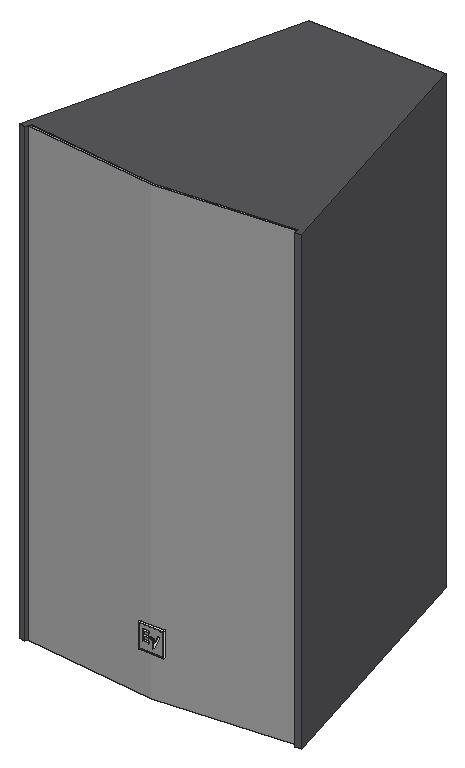
Revit family "EVF-1152D", category Communication Devices, Revit 2017
Family settings
  Maintain Annotation Orientation = Yes
  Round Connector Dimension = Use Diameter
  Part Type = Normal
  OmniClass Number = 23.85.10.11.11.21
  OmniClass Title = Speakers
  Work Plane-Based = Yes
  Always vertical = Yes
  Cut with Voids When Loaded = No
  Shared = No
  Room Calculation Point = No
Parameters (values of type "EVF1152D43BLB_Black_40X30_1X15_Two-Way")
  Version = "1"
  Uniclass2015Code = "Pr_60_75_08_02"
  URL = ""
  ProductInformation = "https://www.electrovoice.com/binary/EVF-1152D-43_Engineering_Data_Sheet.PDF"
  PlanningTools = "https://www.electrovoice.com/product.php?id=1098#downloads"
  ModelNumber = "F.01U.272.562"
  Model = ""
  MaterialRALColour = "RAL9004"
  ManufacturerURL = "https://www.electrovoice.com"
  Manufacturer = "Electro Voice"
  LoudspeakerMaterial [instance] = 13-plyWeather-resistantBirchEVCoat -RAL9004
  GrillMaterial [instance] = 16GA Powder-coatedGalvanneal - B
  FrontLength = 469.84 mm  # constant formula
  Default Elevation = 0.00 mm
  CTN = "EVF1152D43BLB"
  BackLength = 228.60 mm  # constant formula
  InstallationManual = "https://www.electrovoice.com/binary/EVF-1152D-43_Engineering_Data_Sheet.PDF"
  IfcExportType = "IfcBuildingElementProxyType"
  IfcExportAs = "IfcBuildingElementProxy"
  Height = 768.55 mm  # constant formula
  Disclaimer = "http://resource.boschsecurity.com/information/BIM/Disclaimer_Electrovoice.pdf"
  Description = "DH7N 76 mm diaphragm, 36 mm exit pure titanium compression driver. DVX3151A 381 mm. LF transducer with fully symmetric drive. Coverage pattern: 40° x 30°. 100 dB sensitivity, 134 dB maximum SPL. System rating: 600 W continuous, 2400 W peak. Active rating: LF 500 W/HF 75 W continuous (2000 W/300 W peak). (22) M10 threaded suspension points. PI version available with gland nut and stainless-steel grille"
  Depth = 466.57 mm  # constant formula
  ArchitectsAndEngineersSpecs = "https://www.electrovoice.com/binary/EVF-1152D-43_Engineering_Data_Sheet.PDF"
Reference planes
  plane 1 "Center (Front/Back)": y = 0
  plane 2: z = 0
  plane 3 "Center (Left/Right)": x = 0
Forms (mm)
  Extrusion 1, solid
    sketch origin (-218.808, 253.121, 151.949) x (0, 0, 1) y (0, -1, 0)
      loop
        line (-20.634, 250.621) -> (-5.289, 250.621) -> (-5.289, 253.121) -> (-20.634, 253.121) -> (-20.634, 250.621)
    from 217.781 to 244.634
  Extrusion 2, solid, material "16GA Powder-coatedGalvanneal - B" <- "GrillMaterial", detail levels medium+fine
    sketch origin (-0.165, -226.499, 0) x (1, 0, 0) y (0, 1, 0)
      loop
        line (-222.477, -216.478) -> (-223.774, -221.318)
        arc (-223.774, -221.318) -> (0.165, -243.208) -> (224.104, -221.318) r 1156.427
        line (224.104, -221.318) -> (222.807, -216.478)
        arc (222.807, -216.478) -> (0.165, -238.208) -> (-222.477, -216.478) r 1151.427
    from 0 to 768.55
  Extrusion 3, solid, material "13-plyWeather-resistantBirchEVCoat -RAL9004" <- "LoudspeakerMaterial"
    sketch origin (24.276, -254.036, 0) x (-1, 0, 0) y (0, -1, 0)
      loop
        line (-90.024, -254.036) -> (138.576, -254.036) -> (259.333, 196.636)
        arc (259.333, 196.636) -> (254.425, 197.639) -> (249.512, 198.621) r 1161.427
        line (249.512, 198.621) -> (246.918, 188.94)
        arc (246.918, 188.94) -> (24.276, 210.671) -> (-198.367, 188.94) r 1151.427
        line (-198.367, 188.94) -> (-200.961, 198.621)
        arc (-200.961, 198.621) -> (-205.873, 197.639) -> (-210.781, 196.636) r 1161.427
        line (-210.781, 196.636) -> (-90.024, -254.036)
    from 0 to 768.55
Lines and regions (mm)
  model lines, not visible, detail levels fine
    curve 1: circle (-148.073, 312.274, 0) r 11.11 normal (0, 0, 1)
    curve 2: circle (-148.073, 312.274, 0) r 11.06 normal (0, 0, 1)
    curve 3: circle (-148.073, 312.274, 0) r 8.06 normal (0, 0, 1)
    curve 4: circle (0.015, 265.209, 0) r 11.11 normal (0, 0, 1)
    curve 5: circle (0.015, 265.209, 0) r 11.06 normal (0, 0, 1)
    curve 6: circle (0.015, 265.209, 0) r 8.06 normal (0, 0, 1)
    curve 7: circle (0.015, 37.855, 0) r 11.11 normal (0, 0, 1)
    curve 8: circle (0.015, 37.855, 0) r 11.06 normal (0, 0, 1)
    curve 9: circle (0.015, 37.855, 0) r 8.06 normal (0, 0, 1)
    curve 10: circle (-82.155, 65.035, 0) r 11.11 normal (0, 0, 1)
    curve 11: circle (-82.155, 65.035, 0) r 11.06 normal (0, 0, 1)
    curve 12: circle (-82.155, 65.035, 0) r 8.06 normal (0, 0, 1)
    curve 13: line (-105.991, 7.671, 0) -> (106.016, 7.671, 0)
    curve 41: line (-222.628, 442.966, 0) -> (-105.991, 7.671, 0)
    curve 42: line (222.653, 442.966, 0) -> (106.016, 7.671, 0)
    curve 45: circle (148.098, 312.274, 0) r 11.11 normal (0, 0, -1)
    curve 46: circle (148.098, 312.274, 0) r 11.06 normal (0, 0, -1)
    curve 47: circle (148.098, 312.274, 0) r 8.06 normal (0, 0, -1)
    curve 48: circle (82.179, 65.035, 0) r 11.11 normal (0, 0, -1)
    curve 49: circle (82.179, 65.035, 0) r 11.06 normal (0, 0, -1)
    curve 50: circle (82.179, 65.035, 0) r 8.06 normal (0, 0, -1)
    curve 83: circle (-0.006, -0.043, 728.55) r 12 normal (0, -1, 0)
    curve 84: circle (-0.006, -0.043, 40) r 12 normal (0, -1, 0)
    curve 85: circle (-0.006, -0.043, 40) r 8 normal (0, -1, 0)
    curve 86: circle (-0.006, -0.043, 728.55) r 8 normal (0, -1, 0)
    curve 87: circle (-144.82, -113.904, 728.55) r 12 normal (0.9659, -0.2588, 0)
    curve 88: circle (-144.82, -113.904, 728.55) r 8 normal (0.9659, -0.2588, 0)
    curve 89: circle (-144.82, -113.904, 40) r 12 normal (0.9659, -0.2588, 0)
    curve 90: circle (-144.82, -113.904, 40) r 8 normal (0.9659, -0.2588, 0)
    curve 91: circle (-123.682, -35.016, 659.275) r 6 normal (-0.9659, 0.2588, 0)
    curve 92: circle (-123.682, -35.016, 659.275) r 8 normal (-0.9659, 0.2588, 0)
    curve 93: circle (-123.682, -35.016, 109.275) r 6 normal (0.9659, -0.2588, 0)
    curve 94: circle (-123.682, -35.016, 109.275) r 8 normal (0.9659, -0.2588, 0)
    curve 95: circle (-123.682, -35.016, 296.775) r 6 normal (0.9659, -0.2588, 0)
    curve 96: circle (-123.682, -35.016, 296.775) r 8 normal (0.9659, -0.2588, 0)
    curve 97: circle (-123.682, -35.016, 471.775) r 6 normal (-0.9659, 0.2588, 0)
    curve 98: circle (-123.682, -35.016, 471.775) r 8 normal (-0.9659, 0.2588, 0)
    curve 99: circle (-197.446, -310.305, 728.55) r 12 normal (0.9659, -0.2588, 0)
    curve 100: circle (-197.446, -310.305, 728.55) r 8 normal (0.9659, -0.2588, 0)
    curve 101: circle (-197.446, -310.305, 40) r 12 normal (0.9659, -0.2588, 0)
    curve 102: circle (-197.446, -310.305, 40) r 8 normal (0.9659, -0.2588, 0)
    curve 103: circle (144.82, -113.904, 728.55) r 12 normal (0.9659, 0.2588, 0)
    curve 104: circle (144.82, -113.904, 728.55) r 8 normal (0.9659, 0.2588, 0)
    curve 105: circle (144.82, -113.904, 40) r 12 normal (0.9659, 0.2588, 0)
    curve 106: circle (144.82, -113.904, 40) r 8 normal (0.9659, 0.2588, 0)
    curve 107: circle (123.682, -35.016, 659.275) r 6 normal (-0.9659, -0.2588, 0)
    curve 108: circle (123.682, -35.016, 659.275) r 8 normal (-0.9659, -0.2588, 0)
    curve 109: circle (123.682, -35.016, 109.275) r 6 normal (0.9659, 0.2588, 0)
    curve 110: circle (123.682, -35.016, 109.275) r 8 normal (0.9659, 0.2588, 0)
    curve 111: circle (123.682, -35.016, 296.775) r 6 normal (0.9659, 0.2588, 0)
    curve 112: circle (123.682, -35.016, 296.775) r 8 normal (0.9659, 0.2588, 0)
    curve 113: circle (123.682, -35.016, 471.775) r 6 normal (-0.9659, -0.2588, 0)
    curve 114: circle (123.682, -35.016, 471.775) r 8 normal (-0.9659, -0.2588, 0)
    curve 115: circle (197.446, -310.305, 728.55) r 12 normal (0.9659, 0.2588, 0)
    curve 116: circle (197.446, -310.305, 728.55) r 8 normal (0.9659, 0.2588, 0)
    curve 117: circle (197.446, -310.305, 40) r 12 normal (0.9659, 0.2588, 0)
    curve 118: circle (197.446, -310.305, 40) r 8 normal (0.9659, 0.2588, 0)
  model lines, detail levels fine
    curve 14: circle (-0.006, -0.043, 728.55) r 12 normal (0, -1, 0)
    curve 15: circle (-0.006, -0.043, 40) r 12 normal (0, -1, 0)
    curve 16: circle (-0.006, -0.043, 40) r 8 normal (0, -1, 0)
    curve 17: circle (-0.006, -0.043, 728.55) r 8 normal (0, -1, 0)
    curve 18: circle (-148.086, -312.277, 768.55) r 11.11 normal (0, 0, -1)
    curve 19: circle (-148.086, -312.277, 768.55) r 11.06 normal (0, 0, -1)
    curve 20: circle (-148.086, -312.277, 768.55) r 8.06 normal (0, 0, -1)
    curve 21: circle (0.003, -265.212, 768.55) r 11.11 normal (0, 0, -1)
    curve 22: circle (0.003, -265.212, 768.55) r 11.06 normal (0, 0, -1)
    curve 23: circle (0.003, -265.212, 768.55) r 8.06 normal (0, 0, -1)
    curve 24: circle (0.003, -37.857, 768.55) r 11.11 normal (0, 0, -1)
    curve 25: circle (0.003, -37.857, 768.55) r 11.06 normal (0, 0, -1)
    curve 26: circle (0.003, -37.857, 768.55) r 8.06 normal (0, 0, -1)
    curve 27: circle (-82.167, -65.037, 768.55) r 11.11 normal (0, 0, -1)
    curve 28: circle (-82.167, -65.037, 768.55) r 11.06 normal (0, 0, -1)
    curve 29: circle (-82.167, -65.037, 768.55) r 8.06 normal (0, 0, -1)
    curve 30: line (-106.003, -7.673, 768.55) -> (106.003, -7.673, 768.55)
    curve 31: line (-222.64, -442.968, 768.55) -> (-106.003, -7.673, 768.55)
    curve 32: line (222.64, -442.968, 768.55) -> (106.003, -7.673, 768.55)
    curve 35: circle (148.086, -312.277, 768.55) r 11.11 normal (0, 0, 1)
    curve 36: circle (148.086, -312.277, 768.55) r 11.06 normal (0, 0, 1)
    curve 37: circle (148.086, -312.277, 768.55) r 8.06 normal (0, 0, 1)
    curve 38: circle (82.167, -65.037, 768.55) r 11.11 normal (0, 0, 1)
    curve 39: circle (82.167, -65.037, 768.55) r 11.06 normal (0, 0, 1)
    curve 40: circle (82.167, -65.037, 768.55) r 8.06 normal (0, 0, 1)
    curve 51: circle (-144.82, -113.904, 728.55) r 12 normal (0.9659, -0.2588, 0)
    curve 52: circle (-144.82, -113.904, 728.55) r 8 normal (0.9659, -0.2588, 0)
    curve 53: circle (-144.82, -113.904, 40) r 12 normal (0.9659, -0.2588, 0)
    curve 54: circle (-144.82, -113.904, 40) r 8 normal (0.9659, -0.2588, 0)
    curve 55: circle (-123.682, -35.016, 659.275) r 6 normal (-0.9659, 0.2588, 0)
    curve 56: circle (-123.682, -35.016, 659.275) r 8 normal (-0.9659, 0.2588, 0)
    curve 57: circle (-123.682, -35.016, 109.275) r 6 normal (0.9659, -0.2588, 0)
    curve 58: circle (-123.682, -35.016, 109.275) r 8 normal (0.9659, -0.2588, 0)
    curve 59: circle (-123.682, -35.016, 296.775) r 6 normal (0.9659, -0.2588, 0)
    curve 60: circle (-123.682, -35.016, 296.775) r 8 normal (0.9659, -0.2588, 0)
    curve 61: circle (-123.682, -35.016, 471.775) r 6 normal (-0.9659, 0.2588, 0)
    curve 62: circle (-123.682, -35.016, 471.775) r 8 normal (-0.9659, 0.2588, 0)
    curve 63: circle (-197.446, -310.305, 728.55) r 12 normal (0.9659, -0.2588, 0)
    curve 64: circle (-197.446, -310.305, 728.55) r 8 normal (0.9659, -0.2588, 0)
    curve 65: circle (-197.446, -310.305, 40) r 12 normal (0.9659, -0.2588, 0)
    curve 66: circle (-197.446, -310.305, 40) r 8 normal (0.9659, -0.2588, 0)
    curve 67: circle (144.82, -113.904, 728.55) r 12 normal (0.9659, 0.2588, 0)
    curve 68: circle (144.82, -113.904, 728.55) r 8 normal (0.9659, 0.2588, 0)
    curve 69: circle (144.82, -113.904, 40) r 12 normal (0.9659, 0.2588, 0)
    curve 70: circle (144.82, -113.904, 40) r 8 normal (0.9659, 0.2588, 0)
    curve 71: circle (123.682, -35.016, 659.275) r 6 normal (-0.9659, -0.2588, 0)
    curve 72: circle (123.682, -35.016, 659.275) r 8 normal (-0.9659, -0.2588, 0)
    curve 73: circle (123.682, -35.016, 109.275) r 6 normal (0.9659, 0.2588, 0)
    curve 74: circle (123.682, -35.016, 109.275) r 8 normal (0.9659, 0.2588, 0)
    curve 75: circle (123.682, -35.016, 296.775) r 6 normal (0.9659, 0.2588, 0)
    curve 76: circle (123.682, -35.016, 296.775) r 8 normal (0.9659, 0.2588, 0)
    curve 77: circle (123.682, -35.016, 471.775) r 6 normal (-0.9659, -0.2588, 0)
    curve 78: circle (123.682, -35.016, 471.775) r 8 normal (-0.9659, -0.2588, 0)
    curve 79: circle (197.446, -310.305, 728.55) r 12 normal (0.9659, 0.2588, 0)
    curve 80: circle (197.446, -310.305, 728.55) r 8 normal (0.9659, 0.2588, 0)
    curve 81: circle (197.446, -310.305, 40) r 12 normal (0.9659, 0.2588, 0)
    curve 82: circle (197.446, -310.305, 40) r 8 normal (0.9659, 0.2588, 0)
  model lines, style "InvisibleLines"
    curve 33: line (-114.3, 0, 0) -> (-106.003, -7.673, 0)
    curve 34: line (114.3, 0, 0) -> (106.003, -7.673, 0)
  model lines, style "InvisibleLines", not visible
    curve 43: line (-114.288, -0.002, -768.55) -> (-105.991, 7.671, -768.55)
    curve 44: line (114.312, -0.002, -768.55) -> (106.016, 7.671, -768.55)
  reference lines
    curve 119: line (-234.783, -450.672, 0) -> (-234.783, -449.672, 0)
    curve 120: line (235.057, -450.672, 0) -> (235.057, -449.672, 0)
Dimensions and locks
  locked: Extrusion 3 to Extrusion 3 at 768.55
  "Height": Extrusion 2 to Extrusion 3
  "BackLength": curve 33 to curve 34
  equal spacing: curve 33, plane 3 "Center (Left/Right)", Extrusion 3
  "Depth": Extrusion 3 to curve 33
  "FrontLength": curve 119 to curve 120
  aligned and locked: plane 2 to level
Automatic sketch dimensions
  curve 14 to curve 17 = 0.00 mm  (x4)
  curve 17 to curve 16 = 0.00 mm
  curve 17 to curve 16 = 688.55 mm
  curve 15 to curve 16 = 0.00 mm  (x2)
  Extrusion 1 sketch curve to plane 1 "Center (Front/Back)" = 0.00 mm
  level to Extrusion 1 sketch curve = 131.315 mm
  Extrusion 1 sketch curve to Extrusion 1 sketch curve = 15.346 mm
  Extrusion 1 sketch curve to plane 1 "Center (Front/Back)" = 2.50 mm
  plane 3 "Center (Left/Right)" to Extrusion 2 sketch curve = 0.00 mm
  plane 3 "Center (Left/Right)" to Extrusion 2 sketch curve = 222.642 mm
  Extrusion 2 sketch curve to Extrusion 2 sketch curve = 1.297 mm  (x2)
  plane 1 "Center (Front/Back)" to Extrusion 2 sketch curve = 447.817 mm
  Extrusion 2 sketch curve to Extrusion 2 sketch curve = 0.00 mm  (x3)
  Extrusion 3 sketch curve to Extrusion 3 sketch curve = 0.00 mm  (x4)
  plane 1 "Center (Front/Back)" to Extrusion 3 sketch curve = 0.00 mm
  Extrusion 3 sketch curve to plane 3 "Center (Left/Right)" = 0.00 mm
  plane 3 "Center (Left/Right)" to Extrusion 3 sketch curve = 114.30 mm
  plane 3 "Center (Left/Right)" to Extrusion 3 sketch curve = 222.642 mm
  Extrusion 3 sketch curve to Extrusion 3 sketch curve = 2.594 mm  (x2)
  Extrusion 3 sketch curve to Extrusion 3 sketch curve = 9.821 mm  (x2)
  Extrusion 3 sketch curve to plane 3 "Center (Left/Right)" = 114.30 mm
  plane 1 "Center (Front/Back)" to Extrusion 3 sketch curve = 442.977 mm
  Extrusion 3 sketch curve to Extrusion 3 sketch curve = 7.695 mm  (x2)
  Extrusion 3 sketch curve to plane 3 "Center (Left/Right)" = 222.642 mm
  Extrusion 3 sketch curve to Extrusion 3 sketch curve = 1.985 mm
  Extrusion 2 sketch curve to Extrusion 2 sketch curve = 4.841 mm
  Extrusion 2 sketch curve to plane 1 "Center (Front/Back)" = 686.72 mm
  curve 33 to curve 33 = 8.297 mm
  curve 33 to curve 34 = 212.006 mm
  curve 34 to curve 34 = 8.297 mm
  curve 33 to curve 34 = 0.00 mm
  curve 34 to curve 34 = 7.673 mm
  curve 33 to curve 33 = 7.673 mm
  curve 18 to curve 19 = 0.00 mm  (x3)
  curve 18 to curve 20 = 0.00 mm  (x4)
  curve 19 to curve 20 = 0.00 mm  (x3)
  curve 21 to curve 22 = 0.00 mm  (x4)
  curve 21 to curve 23 = 0.00 mm  (x4)
  curve 24 to curve 25 = 0.00 mm  (x4)
  curve 24 to curve 26 = 0.00 mm  (x4)
  curve 27 to curve 28 = 0.00 mm  (x4)
  curve 27 to curve 29 = 0.00 mm  (x4)
  curve 35 to curve 36 = 0.00 mm  (x4)
  curve 35 to curve 37 = 0.00 mm  (x4)
  curve 38 to curve 39 = 0.00 mm  (x4)
  curve 38 to curve 40 = 0.00 mm  (x4)
  curve 18 to curve 31 = 42.082 mm
  curve 30 to curve 29 = 23.836 mm
  curve 27 to curve 21 = 82.17 mm
  curve 27 to curve 26 = 82.17 mm
  curve 24 to curve 39 = 82.164 mm
  curve 38 to curve 32 = 23.836 mm
  curve 20 to curve 35 = 0.00 mm
  curve 21 to curve 38 = 200.174 mm
  curve 21 to curve 27 = 200.174 mm
  curve 38 to curve 26 = 27.18 mm
  curve 27 to curve 30 = 57.364 mm
  curve 31 to curve 18 = 74.555 mm
  curve 35 to curve 32 = 74.555 mm
  curve 31 to curve 18 = 130.691 mm
  curve 32 to curve 35 = 130.691 mm
  curve 22 to curve 23 = 0.00 mm  (x2)
  curve 25 to curve 26 = 0.00 mm  (x2)
  curve 28 to curve 29 = 0.00 mm  (x2)
  curve 36 to curve 37 = 0.00 mm  (x2)
  curve 39 to curve 40 = 0.00 mm  (x2)
  curve 21 to curve 35 = 148.083 mm
  curve 35 to curve 22 = 47.065 mm
  curve 43 to curve 43 = 8.297 mm
  curve 43 to curve 44 = 212.006 mm
  curve 44 to curve 44 = 8.297 mm
  curve 43 to curve 44 = 0.00 mm
  curve 44 to curve 44 = 7.673 mm
  curve 43 to curve 43 = 7.673 mm
  curve 1 to curve 2 = 0.00 mm  (x3)
  curve 1 to curve 3 = 0.00 mm  (x4)
  curve 2 to curve 3 = 0.00 mm  (x3)
  curve 4 to curve 5 = 0.00 mm  (x4)
  curve 4 to curve 6 = 0.00 mm  (x4)
  curve 7 to curve 8 = 0.00 mm  (x4)
  curve 7 to curve 9 = 0.00 mm  (x4)
  curve 10 to curve 11 = 0.00 mm  (x4)
  curve 10 to curve 12 = 0.00 mm  (x4)
  curve 45 to curve 46 = 0.00 mm  (x4)
  curve 45 to curve 47 = 0.00 mm  (x4)
  curve 48 to curve 49 = 0.00 mm  (x4)
  curve 48 to curve 50 = 0.00 mm  (x4)
  curve 1 to curve 41 = 42.082 mm
  curve 13 to curve 12 = 23.836 mm
  curve 10 to curve 4 = 82.17 mm
  curve 10 to curve 9 = 82.17 mm
  curve 7 to curve 49 = 82.164 mm
  curve 48 to curve 42 = 23.836 mm
  curve 3 to curve 45 = 0.00 mm
  curve 48 to curve 4 = 200.174 mm
  curve 10 to curve 4 = 200.174 mm
  curve 9 to curve 48 = 27.18 mm
  curve 13 to curve 10 = 57.364 mm
  curve 41 to curve 1 = 74.555 mm
  curve 45 to curve 42 = 74.555 mm
  curve 1 to curve 41 = 130.691 mm
  curve 45 to curve 42 = 130.691 mm
  curve 5 to curve 6 = 0.00 mm  (x2)
  curve 8 to curve 9 = 0.00 mm  (x2)
  curve 11 to curve 12 = 0.00 mm  (x2)
  curve 46 to curve 47 = 0.00 mm  (x2)
  curve 49 to curve 50 = 0.00 mm  (x2)
  curve 4 to curve 45 = 148.083 mm
  curve 5 to curve 45 = 47.065 mm
  curve 51 to curve 52 = 0.00 mm  (x2)
  curve 53 to curve 54 = 0.00 mm  (x2)
  curve 55 to curve 56 = 0.00 mm  (x2)
  curve 57 to curve 58 = 0.00 mm  (x2)
  curve 59 to curve 60 = 0.00 mm  (x2)
  curve 61 to curve 62 = 0.00 mm  (x2)
  curve 63 to curve 64 = 0.00 mm  (x2)
  curve 65 to curve 66 = 0.00 mm  (x2)
  curve 65 to curve 63 = 0.00 mm
  curve 66 to curve 54 = 203.329 mm
  curve 64 to curve 52 = 203.329 mm
  curve 54 to curve 60 = 81.671 mm
  curve 61 to curve 59 = 0.00 mm
  curve 54 to curve 57 = 81.671 mm
  curve 52 to curve 56 = 81.671 mm
  curve 64 to curve 51 = 0.00 mm
  curve 52 to curve 56 = 69.275 mm
  curve 55 to curve 61 = 187.50 mm
  curve 61 to curve 59 = 175.00 mm
  curve 59 to curve 57 = 187.50 mm
  curve 57 to curve 53 = 69.275 mm
  curve 65 to curve 53 = 0.00 mm
  curve 67 to curve 68 = 0.00 mm  (x2)
  curve 69 to curve 70 = 0.00 mm  (x2)
  curve 71 to curve 72 = 0.00 mm  (x2)
  curve 73 to curve 74 = 0.00 mm  (x2)
  curve 75 to curve 76 = 0.00 mm  (x2)
  curve 77 to curve 78 = 0.00 mm  (x2)
  curve 79 to curve 80 = 0.00 mm  (x2)
  curve 81 to curve 82 = 0.00 mm  (x2)
  curve 81 to curve 79 = 0.00 mm
  curve 82 to curve 70 = 203.329 mm
  curve 80 to curve 68 = 203.329 mm
  curve 70 to curve 76 = 81.671 mm
  curve 77 to curve 75 = 0.00 mm
  curve 70 to curve 73 = 81.671 mm
  curve 68 to curve 72 = 81.671 mm
  curve 69 to curve 82 = 0.00 mm
  curve 70 to curve 73 = 69.275 mm
  curve 73 to curve 75 = 187.50 mm
  curve 75 to curve 77 = 175.00 mm
  curve 77 to curve 71 = 187.50 mm
  curve 71 to curve 80 = 69.275 mm
  curve 71 to curve 68 = 69.275 mm
  curve 83 to curve 86 = 0.00 mm  (x4)
  curve 86 to curve 85 = 0.00 mm
  curve 86 to curve 85 = 688.55 mm
  curve 84 to curve 85 = 0.00 mm  (x2)
  curve 87 to curve 88 = 0.00 mm  (x2)
  curve 89 to curve 90 = 0.00 mm  (x2)
  curve 91 to curve 92 = 0.00 mm  (x2)
  curve 93 to curve 94 = 0.00 mm  (x2)
  curve 95 to curve 96 = 0.00 mm  (x2)
  curve 97 to curve 98 = 0.00 mm  (x2)
  curve 99 to curve 100 = 0.00 mm  (x2)
  curve 101 to curve 102 = 0.00 mm  (x2)
  curve 101 to curve 99 = 0.00 mm
  curve 102 to curve 90 = 203.329 mm
  curve 100 to curve 88 = 203.329 mm
  curve 90 to curve 96 = 81.671 mm
  curve 97 to curve 95 = 0.00 mm
  curve 90 to curve 93 = 81.671 mm
  curve 88 to curve 92 = 81.671 mm
  curve 100 to curve 87 = 0.00 mm
  curve 88 to curve 92 = 69.275 mm
  curve 91 to curve 97 = 187.50 mm
  curve 97 to curve 95 = 175.00 mm
  curve 95 to curve 93 = 187.50 mm
  curve 93 to curve 89 = 69.275 mm
  curve 101 to curve 89 = 0.00 mm
  curve 103 to curve 104 = 0.00 mm  (x2)
  curve 105 to curve 106 = 0.00 mm  (x2)
  curve 107 to curve 108 = 0.00 mm  (x2)
  curve 109 to curve 110 = 0.00 mm  (x2)
  curve 111 to curve 112 = 0.00 mm  (x2)
  curve 113 to curve 114 = 0.00 mm  (x2)
  curve 115 to curve 116 = 0.00 mm  (x2)
  curve 117 to curve 118 = 0.00 mm  (x2)
  curve 117 to curve 115 = 0.00 mm
  curve 118 to curve 106 = 203.329 mm
  curve 116 to curve 104 = 203.329 mm
  curve 106 to curve 112 = 81.671 mm
  curve 113 to curve 111 = 0.00 mm
  curve 106 to curve 109 = 81.671 mm
  curve 104 to curve 108 = 81.671 mm
  curve 105 to curve 118 = 0.00 mm
  curve 106 to curve 109 = 69.275 mm
  curve 109 to curve 111 = 187.50 mm
  curve 111 to curve 113 = 175.00 mm
  curve 113 to curve 107 = 187.50 mm
  curve 107 to curve 116 = 69.275 mm
  curve 107 to curve 104 = 69.275 mm
  plane 1 "Center (Front/Back)" to curve 120 = 450.672 mm
  plane 1 "Center (Front/Back)" to curve 119 = 450.672 mm
  curve 120 to curve 120 = 1.00 mm
  curve 119 to curve 119 = 1.00 mm
  curve 119 to plane 3 "Center (Left/Right)" = 234.783 mm
  radius of curve 17 = 8.00 mm
  radius of curve 14 = 12.00 mm
  radius of curve 16 = 8.00 mm
  radius of curve 15 = 12.00 mm
  radius of curve 18 = 11.11 mm
  radius of curve 19 = 11.06 mm
  radius of curve 20 = 8.06 mm
  radius of curve 21 = 11.11 mm
  radius of curve 22 = 11.06 mm
  radius of curve 23 = 8.06 mm
  radius of curve 24 = 11.11 mm
  radius of curve 25 = 11.06 mm
  radius of curve 26 = 8.06 mm
  radius of curve 27 = 11.11 mm
  radius of curve 28 = 11.06 mm
  radius of curve 29 = 8.06 mm
  radius of curve 35 = 11.11 mm
  radius of curve 36 = 11.06 mm
  radius of curve 37 = 8.06 mm
  radius of curve 38 = 11.11 mm
  radius of curve 39 = 11.06 mm
  radius of curve 40 = 8.06 mm
  radius of curve 1 = 11.11 mm
  radius of curve 2 = 11.06 mm
  radius of curve 3 = 8.06 mm
  radius of curve 4 = 11.11 mm
  radius of curve 5 = 11.06 mm
  radius of curve 6 = 8.06 mm
  radius of curve 7 = 11.11 mm
  radius of curve 8 = 11.06 mm
  radius of curve 9 = 8.06 mm
  radius of curve 10 = 11.11 mm
  radius of curve 11 = 11.06 mm
  radius of curve 12 = 8.06 mm
  radius of curve 45 = 11.11 mm
  radius of curve 46 = 11.06 mm
  radius of curve 47 = 8.06 mm
  radius of curve 48 = 11.11 mm
  radius of curve 49 = 11.06 mm
  radius of curve 50 = 8.06 mm
  radius of curve 51 = 12.00 mm
  radius of curve 52 = 8.00 mm
  radius of curve 53 = 12.00 mm
  radius of curve 54 = 8.00 mm
  radius of curve 55 = 6.00 mm
  radius of curve 56 = 8.00 mm
  radius of curve 57 = 6.00 mm
  radius of curve 58 = 8.00 mm
  radius of curve 59 = 6.00 mm
  radius of curve 60 = 8.00 mm
  radius of curve 61 = 6.00 mm
  radius of curve 62 = 8.00 mm
  radius of curve 63 = 12.00 mm
  radius of curve 64 = 8.00 mm
  radius of curve 65 = 12.00 mm
  radius of curve 66 = 8.00 mm
  radius of curve 67 = 12.00 mm
  radius of curve 68 = 8.00 mm
  radius of curve 69 = 12.00 mm
  radius of curve 70 = 8.00 mm
  radius of curve 71 = 6.00 mm
  radius of curve 72 = 8.00 mm
  radius of curve 73 = 6.00 mm
  radius of curve 74 = 8.00 mm
  radius of curve 75 = 6.00 mm
  radius of curve 76 = 8.00 mm
  radius of curve 77 = 6.00 mm
  radius of curve 78 = 8.00 mm
  radius of curve 79 = 12.00 mm
  radius of curve 80 = 8.00 mm
  radius of curve 81 = 12.00 mm
  radius of curve 82 = 8.00 mm
  radius of curve 86 = 8.00 mm
  radius of curve 83 = 12.00 mm
  radius of curve 85 = 8.00 mm
  radius of curve 84 = 12.00 mm
  radius of curve 87 = 12.00 mm
  radius of curve 88 = 8.00 mm
  radius of curve 89 = 12.00 mm
  radius of curve 90 = 8.00 mm
  radius of curve 91 = 6.00 mm
  radius of curve 92 = 8.00 mm
  radius of curve 93 = 6.00 mm
  radius of curve 94 = 8.00 mm
  radius of curve 95 = 6.00 mm
  radius of curve 96 = 8.00 mm
  radius of curve 97 = 6.00 mm
  radius of curve 98 = 8.00 mm
  radius of curve 99 = 12.00 mm
  radius of curve 100 = 8.00 mm
  radius of curve 101 = 12.00 mm
  radius of curve 102 = 8.00 mm
  radius of curve 103 = 12.00 mm
  radius of curve 104 = 8.00 mm
  radius of curve 105 = 12.00 mm
  radius of curve 106 = 8.00 mm
  radius of curve 107 = 6.00 mm
  radius of curve 108 = 8.00 mm
  radius of curve 109 = 6.00 mm
  radius of curve 110 = 8.00 mm
  radius of curve 111 = 6.00 mm
  radius of curve 112 = 8.00 mm
  radius of curve 113 = 6.00 mm
  radius of curve 114 = 8.00 mm
  radius of curve 115 = 12.00 mm
  radius of curve 116 = 8.00 mm
  radius of curve 117 = 12.00 mm
  radius of curve 118 = 8.00 mm
Nested families
  nested 1: "InputPanelV" at (0.031, 0.022, 51.922), LoudspeakerMaterial <- "LoudspeakerMaterial", type "InputPanelV", detail levels medium+fine
    with LoudspeakerMaterial 13-plyWeather-resistantBirchEVCoat -RAL9004
  nested 2: "L-EV" at (0, -469.653, 88.55), type "L-EV", detail levels medium+fine
Connectors
  electrical at (12.4, 2.5, 138.988)
    settings: on Extrusion 1, index 2, voltage 0 V, apparent load 0 VA, apparent load phase1 0 VA, apparent load phase2 0 VA, apparent load phase3 0 VA, power factor 1, load classification "Other", number of poles 1, system type 31, power factor state 1, is connector primary yes, connector utility no, sub classification motor no, connector description ""
Definition of nested family "InputPanelV"
  Parameters (values of type "InputPanelV")
    Material = "RAL9004"
    LoudspeakerMaterial [instance] = none
    Default Elevation = 1219.20 mm
  Reference planes
    plane 1 "Center (Front/Back)": y = 0
    plane 2: z = 0
    plane 3 "Center (Left/Right)": x = 0
  Forms (mm)
    Extrusion 1, solid, material <- "LoudspeakerMaterial", not visible
      sketch origin (-134.089, -0.5, 42.57) x (0, 0, -1) y (1, 0, 0)
        loop
          arc (-236.652, 198.043) -> (-237.266, 197.789) -> (-237.521, 197.174) r 0.869
          line (-237.521, 197.174) -> (-237.521, 70.264)
          arc (-237.521, 70.264) -> (-237.266, 69.649) -> (-236.652, 69.395) r 0.869
          line (-236.652, 69.395) -> (41.701, 69.395)
          arc (41.701, 69.395) -> (42.316, 69.649) -> (42.57, 70.264) r 0.869
          line (42.57, 70.264) -> (42.57, 197.174)
          arc (42.57, 197.174) -> (42.316, 197.789) -> (41.701, 198.043) r 0.869
          line (41.701, 198.043) -> (-236.652, 198.043)
      from 0 to -0.5
    Extrusion 2, solid, material <- "LoudspeakerMaterial", detail levels medium+fine
      sketch origin (-61.076, 0, 141.306) x (0, 0, -1) y (1, 0, 0)
        loop
          line (134.909, 125.031) -> (-132.479, 125.031)
          arc (-132.479, 125.031) -> (-136.938, 123.184) -> (-138.785, 118.724) r 6.306
          line (-138.785, 118.724) -> (-138.785, 2.656)
          arc (-138.785, 2.656) -> (-137.145, -1.571) -> (-133.106, -3.618) r 6.306
          line (-133.106, -3.618) -> (134.923, -3.618)
          arc (134.923, -3.618) -> (139.382, -1.771) -> (141.229, 2.689) r 6.306
          line (141.229, 2.689) -> (141.215, 118.725)
          arc (141.215, 118.725) -> (139.367, 123.184) -> (134.909, 125.031) r 6.306
        loop
          line (-32, 109) -> (-119, 109)
          arc (-119, 109) -> (-122.536, 107.536) -> (-124, 104) r 5
          line (-124, 104) -> (-124, 18.073)
          arc (-124, 18.073) -> (-122.536, 14.537) -> (-119, 13.073) r 5
          line (-119, 13.073) -> (-32, 13.068)
          arc (-32, 13.068) -> (-28.464, 14.537) -> (-27, 18.073) r 5
          line (-27, 18.073) -> (-27, 104)
          arc (-27, 104) -> (-28.464, 107.536) -> (-32, 109) r 5
        loop
          line (121.931, 109) -> (-17.996, 109)
          arc (-17.996, 109) -> (-21.532, 107.536) -> (-22.996, 104) r 5
          line (-22.996, 104) -> (-22.996, 18.073)
          arc (-22.996, 18.073) -> (-21.532, 14.537) -> (-17.996, 13.073) r 5
          line (-17.996, 13.073) -> (121.931, 13.068)
          arc (121.931, 13.068) -> (125.466, 14.537) -> (126.931, 18.073) r 5
          line (126.931, 18.073) -> (126.931, 104)
          arc (126.931, 104) -> (125.466, 107.536) -> (121.931, 109) r 5
        loop
          circle (-131.217, 117.431) r 2.623
        loop
          circle (-43.03, 117.431) r 2.623
        loop
          circle (45.408, 117.431) r 2.623
        loop
          circle (133.136, 117.431) r 2.623
        loop
          circle (-131.469, 3.695) r 2.623
        loop
          circle (-43.281, 3.695) r 2.623
        loop
          circle (45.157, 3.695) r 2.623
        loop
          circle (132.885, 3.695) r 2.623
      from 0 to 10
    Extrusion 3, solid, material <- "LoudspeakerMaterial", detail levels fine
      sketch origin (-61.076, 0, 141.306) x (0, 0, -1) y (1, 0, 0)
        loop
          arc (-17.996, 109) -> (-21.532, 107.536) -> (-22.996, 104) r 5
          line (-22.996, 104) -> (-22.996, 18.073)
          arc (-22.996, 18.073) -> (-21.53, 14.535) -> (-17.996, 13.068) r 5
          line (-17.996, 13.068) -> (121.931, 13.073)
          arc (121.931, 13.073) -> (125.466, 14.537) -> (126.931, 18.073) r 5
          line (126.931, 18.073) -> (126.931, 104)
          arc (126.931, 104) -> (125.466, 107.536) -> (121.931, 109) r 5
          line (121.931, 109) -> (-17.996, 109)
        loop
          line (54.039, 97.778) -> (-7.991, 97.77)
          arc (-7.991, 97.77) -> (-8.799, 96.096) -> (-10.285, 94.977) r 3.948
          line (-10.285, 94.977) -> (-10.277, 26.4)
          arc (-10.277, 26.4) -> (-8.791, 25.282) -> (-7.981, 23.608) r 3.948
          line (-7.981, 23.608) -> (54.048, 23.615)
          arc (54.048, 23.615) -> (57.907, 26.731) -> (61.766, 23.616) r 3.948
          line (61.766, 23.616) -> (111.183, 23.622)
          arc (111.183, 23.622) -> (111.992, 25.297) -> (113.478, 26.415) r 3.948
          line (113.478, 26.415) -> (113.47, 94.993)
          arc (113.47, 94.993) -> (111.984, 96.11) -> (111.174, 97.785) r 3.948
          line (111.174, 97.785) -> (61.757, 97.779)
          arc (61.757, 97.779) -> (57.899, 94.663) -> (54.039, 97.778) r 3.948
        loop
          circle (57.898, 98.611) r 1.593
        loop
          circle (57.898, 22.673) r 1.593
        loop
          circle (114.809, 98.611) r 1.593
        loop
          circle (114.809, 22.673) r 1.593
        loop
          circle (-11.512, 98.611) r 1.593
        loop
          circle (-11.512, 22.673) r 1.593
      from 7.5 to 5
    Extrusion 4, solid, material <- "LoudspeakerMaterial", detail levels fine
      sketch origin (-61.076, -5, 141.306) x (0, 0, -1) y (1, 0, 0)
        loop
          arc (-136.087, 111.908) -> (-136.669, 111.554) -> (-136.853, 110.898) r 0.929
          line (-136.853, 110.898) -> (-130.706, 110.884)
          arc (-130.706, 110.884) -> (-126.61, 112.865) -> (-124.668, 116.98) r 6.83
          line (-124.668, 116.98) -> (-124.689, 123.07)
          arc (-124.689, 123.07) -> (-125.343, 122.884) -> (-125.696, 122.302) r 0.93
          line (-125.696, 122.302) -> (-125.681, 117.428)
          arc (-125.681, 117.428) -> (-127.297, 113.511) -> (-131.213, 111.895) r 5.516
          line (-131.213, 111.895) -> (-136.087, 111.908)
        loop
          line (-136.087, 9.439) -> (-131.213, 9.451)
          arc (-131.213, 9.451) -> (-127.297, 7.835) -> (-125.681, 3.918) r 5.516
          line (-125.681, 3.918) -> (-125.696, -0.955)
          arc (-125.696, -0.955) -> (-125.343, -1.537) -> (-124.689, -1.723) r 0.93
          line (-124.689, -1.723) -> (-124.668, 4.366)
          arc (-124.668, 4.366) -> (-126.61, 8.481) -> (-130.706, 10.463) r 6.83
          line (-130.706, 10.463) -> (-136.853, 10.449)
          arc (-136.853, 10.449) -> (-136.669, 9.793) -> (-136.087, 9.439) r 0.929
        loop
          line (138.516, 111.908) -> (133.643, 111.895)
          arc (133.643, 111.895) -> (129.726, 113.511) -> (128.11, 117.428) r 5.516
          line (128.11, 117.428) -> (128.125, 122.302)
          arc (128.125, 122.302) -> (127.773, 122.884) -> (127.118, 123.07) r 0.93
          line (127.118, 123.07) -> (127.098, 116.98)
          arc (127.098, 116.98) -> (129.04, 112.865) -> (133.136, 110.884) r 6.83
          line (133.136, 110.884) -> (139.283, 110.898)
          arc (139.283, 110.898) -> (139.098, 111.554) -> (138.516, 111.908) r 0.929
        loop
          arc (138.516, 9.439) -> (139.098, 9.793) -> (139.283, 10.449) r 0.929
          line (139.283, 10.449) -> (133.136, 10.463)
          arc (133.136, 10.463) -> (129.04, 8.481) -> (127.098, 4.366) r 6.83
          line (127.098, 4.366) -> (127.118, -1.723)
          arc (127.118, -1.723) -> (127.773, -1.537) -> (128.125, -0.955) r 0.93
          line (128.125, -0.955) -> (128.11, 3.918)
          arc (128.11, 3.918) -> (129.726, 7.835) -> (133.643, 9.451) r 5.516
          line (133.643, 9.451) -> (138.516, 9.439)
      from 6 to 5
    Extrusion 5, solid, material <- "LoudspeakerMaterial"
      sketch origin (-61.076, 0, 141.306) x (0, 0, -1) y (1, 0, 0)
        loop
          line (-138.785, 125.031) -> (-138.785, -3.618) -> (141.23, -3.618) -> (141.214, 125.031) -> (-138.785, 125.031)
      from 0 to 4.337
  Lines and regions (mm)
    model lines, not visible
      curve 1: arc (59.415, -9.5, 70.232) -> (59.756, -9.5, 68.636) -> (60.858, -9.5, 67.432) r 3.109
      curve 2: arc (59.414, -9.5, 82.845) -> (59.754, -9.5, 81.249) -> (60.857, -9.5, 80.045) r 3.109
      curve 3: arc (59.417, -9.5, 63.926) -> (59.752, -9.5, 62.34) -> (60.84, -9.5, 61.139) r 3.108
      curve 4: arc (59.415, -9.5, 76.539) -> (59.75, -9.5, 74.953) -> (60.838, -9.5, 73.752) r 3.108
      curve 5: arc (60.711, -9.5, 72.945) -> (59.72, -9.5, 71.753) -> (59.414, -9.5, 70.232) r 3.166
      curve 6: arc (60.71, -9.5, 85.557) -> (59.718, -9.5, 84.365) -> (59.412, -9.5, 82.845) r 3.166
      curve 7: arc (60.712, -9.5, 66.637) -> (59.721, -9.5, 65.445) -> (59.415, -9.5, 63.926) r 3.165
      curve 8: arc (60.71, -9.5, 79.25) -> (59.72, -9.5, 78.058) -> (59.414, -9.5, 76.539) r 3.165
      curve 9: arc (59.062, -9.5, 76.539) -> (58.721, -9.5, 78.135) -> (57.618, -9.5, 79.339) r 3.109
      curve 10: arc (59.063, -9.5, 63.926) -> (58.723, -9.5, 65.522) -> (57.62, -9.5, 66.726) r 3.109
      curve 11: arc (59.06, -9.5, 82.845) -> (58.725, -9.5, 84.431) -> (57.637, -9.5, 85.632) r 3.108
      curve 12: arc (59.062, -9.5, 70.232) -> (58.726, -9.5, 71.818) -> (57.638, -9.5, 73.019) r 3.108
      curve 13: arc (57.765, -9.5, 73.826) -> (58.757, -9.5, 75.018) -> (59.063, -9.5, 76.539) r 3.166
      curve 14: arc (57.767, -9.5, 61.214) -> (58.758, -9.5, 62.406) -> (59.065, -9.5, 63.926) r 3.166
      curve 15: arc (57.765, -9.5, 80.134) -> (58.756, -9.5, 81.326) -> (59.062, -9.5, 82.845) r 3.165
      curve 16: arc (57.767, -9.5, 67.521) -> (58.757, -9.5, 68.713) -> (59.063, -9.5, 70.232) r 3.165
      curve 17: arc (62.678, -9.5, 67.687) -> (63.752, -9.5, 68.757) -> (64.103, -9.5, 70.233) r 2.775
      curve 18: arc (63.369, -9.5, 67.367) -> (64.444, -9.5, 68.62) -> (64.794, -9.5, 70.233) r 3.371
      curve 19: arc (62.678, -9.5, 67.687) -> (62.999, -9.5, 67.474) -> (63.369, -9.5, 67.367) r 1.273
      curve 20: arc (62.676, -9.5, 80.299) -> (63.75, -9.5, 81.37) -> (64.101, -9.5, 82.846) r 2.775
      curve 21: arc (63.368, -9.5, 79.98) -> (64.442, -9.5, 81.233) -> (64.793, -9.5, 82.846) r 3.371
      curve 22: arc (62.676, -9.5, 80.299) -> (62.998, -9.5, 80.087) -> (63.368, -9.5, 79.98) r 1.273
      curve 23: arc (62.679, -9.5, 61.381) -> (63.752, -9.5, 62.452) -> (64.103, -9.5, 63.927) r 2.774
      curve 24: arc (63.37, -9.5, 61.062) -> (64.444, -9.5, 62.315) -> (64.794, -9.5, 63.927) r 3.37
      curve 25: arc (62.679, -9.5, 61.381) -> (63, -9.5, 61.169) -> (63.37, -9.5, 61.062) r 1.273
      curve 26: arc (62.677, -9.5, 73.994) -> (63.751, -9.5, 75.064) -> (64.101, -9.5, 76.539) r 2.774
      curve 27: arc (63.369, -9.5, 73.675) -> (64.442, -9.5, 74.927) -> (64.793, -9.5, 76.539) r 3.37
      curve 28: arc (62.677, -9.5, 73.994) -> (62.998, -9.5, 73.781) -> (63.369, -9.5, 73.675) r 1.273
      curve 29: arc (64.103, -9.5, 70.233) -> (63.752, -9.5, 71.708) -> (62.677, -9.5, 72.779) r 2.775
      curve 30: arc (63.369, -9.5, 73.098) -> (62.999, -9.5, 72.992) -> (62.677, -9.5, 72.779) r 1.273
      curve 31: arc (64.794, -9.5, 70.233) -> (64.443, -9.5, 71.846) -> (63.369, -9.5, 73.098) r 3.371
      curve 32: arc (64.101, -9.5, 82.846) -> (63.75, -9.5, 84.321) -> (62.676, -9.5, 85.392) r 2.775
      curve 33: arc (63.367, -9.5, 85.711) -> (62.997, -9.5, 85.604) -> (62.676, -9.5, 85.392) r 1.273
      curve 34: arc (64.793, -9.5, 82.846) -> (64.442, -9.5, 84.458) -> (63.367, -9.5, 85.711) r 3.371
      curve 35: arc (64.103, -9.5, 63.927) -> (63.752, -9.5, 65.401) -> (62.678, -9.5, 66.472) r 2.774
      curve 36: arc (63.37, -9.5, 66.791) -> (62.999, -9.5, 66.684) -> (62.678, -9.5, 66.472) r 1.273
      curve 37: arc (64.794, -9.5, 63.927) -> (64.444, -9.5, 65.539) -> (63.37, -9.5, 66.791) r 3.37
      curve 38: arc (64.101, -9.5, 76.539) -> (63.75, -9.5, 78.014) -> (62.676, -9.5, 79.084) r 2.774
      curve 39: arc (63.368, -9.5, 79.404) -> (62.998, -9.5, 79.297) -> (62.676, -9.5, 79.084) r 1.273
      curve 40: arc (64.793, -9.5, 76.539) -> (64.442, -9.5, 78.151) -> (63.368, -9.5, 79.404) r 3.37
      curve 41: arc (59.627, -9.5, 63.926) -> (59.978, -9.5, 62.451) -> (61.052, -9.5, 61.381) r 2.774
      curve 42: arc (61.051, -9.5, 66.471) -> (59.977, -9.5, 65.401) -> (59.627, -9.5, 63.926) r 2.774
      curve 43: arc (59.625, -9.5, 70.232) -> (59.976, -9.5, 68.757) -> (61.051, -9.5, 67.686) r 2.775
      curve 44: arc (61.05, -9.5, 72.779) -> (59.976, -9.5, 71.708) -> (59.625, -9.5, 70.232) r 2.775
      curve 45: arc (59.625, -9.5, 76.539) -> (59.976, -9.5, 75.064) -> (61.05, -9.5, 73.994) r 2.774
      curve 46: arc (61.049, -9.5, 79.084) -> (59.976, -9.5, 78.014) -> (59.625, -9.5, 76.539) r 2.774
      curve 47: arc (59.624, -9.5, 82.845) -> (59.975, -9.5, 81.37) -> (61.049, -9.5, 80.299) r 2.775
      curve 48: arc (61.049, -9.5, 85.391) -> (59.975, -9.5, 84.321) -> (59.624, -9.5, 82.845) r 2.775
      curve 49: arc (65.487, -9.5, 67.368) -> (66.537, -9.5, 68.57) -> (66.91, -9.5, 70.123) r 3.348
      curve 50: arc (65.485, -9.5, 79.98) -> (66.535, -9.5, 81.183) -> (66.909, -9.5, 82.735) r 3.348
      curve 51: arc (66.91, -9.5, 70.344) -> (66.536, -9.5, 71.896) -> (65.486, -9.5, 73.099) r 3.348
      curve 52: arc (66.909, -9.5, 82.956) -> (66.535, -9.5, 84.509) -> (65.485, -9.5, 85.711) r 3.348
      curve 53: arc (65.488, -9.5, 61.062) -> (66.543, -9.5, 62.278) -> (66.911, -9.5, 63.846) r 3.353
      curve 54: arc (65.486, -9.5, 73.675) -> (66.542, -9.5, 74.891) -> (66.909, -9.5, 76.458) r 3.353
      curve 55: arc (66.911, -9.5, 64.008) -> (66.543, -9.5, 65.576) -> (65.487, -9.5, 66.791) r 3.353
      curve 56: arc (66.909, -9.5, 76.621) -> (66.542, -9.5, 78.189) -> (65.485, -9.5, 79.404) r 3.353
      curve 57: arc (61.368, -9.5, 70.233) -> (61.701, -9.5, 68.86) -> (62.728, -9.5, 67.892) r 2.482
      curve 58: arc (61.369, -9.5, 63.926) -> (61.702, -9.5, 62.554) -> (62.729, -9.5, 61.585) r 2.482
      curve 59: arc (61.777, -9.5, 65.419) -> (61.47, -9.5, 64.701) -> (61.369, -9.5, 63.926) r 2.857
      curve 60: arc (62.453, -9.5, 65.577) -> (62.398, -9.5, 65.499) -> (62.347, -9.5, 65.419) r 2.446
      curve 61: arc (61.777, -9.5, 71.725) -> (61.469, -9.5, 71.007) -> (61.368, -9.5, 70.233) r 2.857
      curve 62: arc (62.452, -9.5, 71.883) -> (62.398, -9.5, 71.805) -> (62.346, -9.5, 71.725) r 2.446
      curve 63: arc (61.367, -9.5, 76.539) -> (61.7, -9.5, 75.167) -> (62.727, -9.5, 74.198) r 2.482
      curve 64: arc (61.367, -9.5, 82.845) -> (61.699, -9.5, 81.473) -> (62.727, -9.5, 80.504) r 2.482
      curve 65: arc (61.776, -9.5, 78.031) -> (61.469, -9.5, 77.313) -> (61.367, -9.5, 76.539) r 2.857
      curve 66: arc (62.452, -9.5, 78.19) -> (62.397, -9.5, 78.112) -> (62.345, -9.5, 78.032) r 2.446
      curve 67: arc (61.775, -9.5, 84.338) -> (61.468, -9.5, 83.62) -> (61.367, -9.5, 82.845) r 2.857
      curve 68: arc (62.451, -9.5, 84.496) -> (62.396, -9.5, 84.418) -> (62.345, -9.5, 84.338) r 2.446
      curve 69: arc (55.799, -9.5, 79.084) -> (54.725, -9.5, 78.014) -> (54.374, -9.5, 76.538) r 2.775
      curve 70: arc (55.107, -9.5, 79.404) -> (54.033, -9.5, 78.151) -> (53.682, -9.5, 76.538) r 3.371
      curve 71: arc (55.799, -9.5, 79.084) -> (55.478, -9.5, 79.297) -> (55.107, -9.5, 79.404) r 1.273
      curve 72: arc (55.8, -9.5, 66.472) -> (54.726, -9.5, 65.401) -> (54.376, -9.5, 63.925) r 2.775
      curve 73: arc (55.109, -9.5, 66.791) -> (54.035, -9.5, 65.538) -> (53.684, -9.5, 63.925) r 3.371
      curve 74: arc (55.8, -9.5, 66.472) -> (55.479, -9.5, 66.684) -> (55.109, -9.5, 66.791) r 1.273
      curve 75: arc (55.798, -9.5, 85.39) -> (54.725, -9.5, 84.319) -> (54.374, -9.5, 82.844) r 2.774
      curve 76: arc (55.107, -9.5, 85.709) -> (54.033, -9.5, 84.456) -> (53.682, -9.5, 82.844) r 3.37
      curve 77: arc (55.798, -9.5, 85.39) -> (55.477, -9.5, 85.602) -> (55.107, -9.5, 85.709) r 1.273
      curve 78: arc (55.8, -9.5, 72.777) -> (54.726, -9.5, 71.707) -> (54.376, -9.5, 70.232) r 2.774
      curve 79: arc (55.108, -9.5, 73.096) -> (54.034, -9.5, 71.844) -> (53.684, -9.5, 70.232) r 3.37
      curve 80: arc (55.8, -9.5, 72.777) -> (55.478, -9.5, 72.99) -> (55.108, -9.5, 73.096) r 1.273
      curve 81: arc (54.374, -9.5, 76.538) -> (54.725, -9.5, 75.063) -> (55.8, -9.5, 73.992) r 2.775
      curve 82: arc (55.108, -9.5, 73.673) -> (55.478, -9.5, 73.779) -> (55.8, -9.5, 73.992) r 1.273
      curve 83: arc (53.682, -9.5, 76.538) -> (54.033, -9.5, 74.925) -> (55.108, -9.5, 73.673) r 3.371
      curve 84: arc (54.376, -9.5, 63.925) -> (54.727, -9.5, 62.45) -> (55.801, -9.5, 61.379) r 2.775
      curve 85: arc (55.11, -9.5, 61.06) -> (55.48, -9.5, 61.167) -> (55.801, -9.5, 61.379) r 1.273
      curve 86: arc (53.684, -9.5, 63.925) -> (54.035, -9.5, 62.313) -> (55.11, -9.5, 61.06) r 3.371
      curve 87: arc (54.374, -9.5, 82.844) -> (54.725, -9.5, 81.369) -> (55.799, -9.5, 80.299) r 2.774
      curve 88: arc (55.107, -9.5, 79.98) -> (55.477, -9.5, 80.087) -> (55.799, -9.5, 80.299) r 1.273
      curve 89: arc (53.682, -9.5, 82.844) -> (54.033, -9.5, 81.232) -> (55.107, -9.5, 79.98) r 3.37
      curve 90: arc (54.376, -9.5, 70.232) -> (54.726, -9.5, 68.757) -> (55.8, -9.5, 67.687) r 2.774
      curve 91: arc (55.109, -9.5, 67.367) -> (55.479, -9.5, 67.474) -> (55.8, -9.5, 67.687) r 1.273
      curve 92: arc (53.684, -9.5, 70.232) -> (54.035, -9.5, 68.62) -> (55.109, -9.5, 67.367) r 3.37
      curve 93: arc (58.85, -9.5, 82.845) -> (58.499, -9.5, 84.32) -> (57.425, -9.5, 85.39) r 2.774
      curve 94: arc (57.426, -9.5, 80.3) -> (58.499, -9.5, 81.37) -> (58.85, -9.5, 82.845) r 2.774
      curve 95: arc (58.851, -9.5, 76.539) -> (58.5, -9.5, 78.014) -> (57.426, -9.5, 79.085) r 2.775
      curve 96: arc (57.427, -9.5, 73.992) -> (58.501, -9.5, 75.063) -> (58.851, -9.5, 76.539) r 2.775
      curve 97: arc (58.852, -9.5, 70.232) -> (58.501, -9.5, 71.707) -> (57.427, -9.5, 72.777) r 2.774
      curve 98: arc (57.427, -9.5, 67.687) -> (58.501, -9.5, 68.757) -> (58.852, -9.5, 70.232) r 2.774
      curve 99: arc (58.853, -9.5, 63.926) -> (58.502, -9.5, 65.401) -> (57.428, -9.5, 66.472) r 2.775
      curve 100: arc (57.428, -9.5, 61.38) -> (58.502, -9.5, 62.45) -> (58.853, -9.5, 63.926) r 2.775
      curve 101: arc (52.99, -9.5, 79.403) -> (51.94, -9.5, 78.2) -> (51.567, -9.5, 76.648) r 3.348
      curve 102: arc (52.991, -9.5, 66.791) -> (51.942, -9.5, 65.588) -> (51.568, -9.5, 64.036) r 3.348
      curve 103: arc (51.567, -9.5, 76.427) -> (51.94, -9.5, 74.875) -> (52.991, -9.5, 73.672) r 3.348
      curve 104: arc (51.568, -9.5, 63.815) -> (51.942, -9.5, 62.262) -> (52.992, -9.5, 61.06) r 3.348
      curve 105: arc (52.989, -9.5, 85.709) -> (51.933, -9.5, 84.493) -> (51.566, -9.5, 82.925) r 3.353
      curve 106: arc (52.991, -9.5, 73.096) -> (51.935, -9.5, 71.88) -> (51.567, -9.5, 70.313) r 3.353
      curve 107: arc (51.566, -9.5, 82.763) -> (51.934, -9.5, 81.195) -> (52.99, -9.5, 79.98) r 3.353
      curve 108: arc (51.567, -9.5, 70.15) -> (51.935, -9.5, 68.582) -> (52.991, -9.5, 67.367) r 3.353
      curve 109: arc (57.108, -9.5, 82.845) -> (56.775, -9.5, 84.217) -> (55.748, -9.5, 85.186) r 2.482
      curve 110: arc (57.109, -9.5, 76.538) -> (56.776, -9.5, 77.911) -> (55.749, -9.5, 78.879) r 2.482
      curve 111: arc (56.7, -9.5, 75.046) -> (57.007, -9.5, 75.764) -> (57.109, -9.5, 76.538) r 2.857
      curve 112: arc (56.024, -9.5, 74.888) -> (56.079, -9.5, 74.966) -> (56.131, -9.5, 75.046) r 2.446
      curve 113: arc (56.699, -9.5, 81.352) -> (57.007, -9.5, 82.07) -> (57.108, -9.5, 82.845) r 2.857
      curve 114: arc (56.024, -9.5, 81.194) -> (56.078, -9.5, 81.272) -> (56.13, -9.5, 81.352) r 2.446
      curve 115: arc (57.109, -9.5, 70.232) -> (56.777, -9.5, 71.604) -> (55.749, -9.5, 72.573) r 2.482
      curve 116: arc (57.11, -9.5, 63.926) -> (56.777, -9.5, 65.298) -> (55.75, -9.5, 66.267) r 2.482
      curve 117: arc (56.702, -9.5, 62.433) -> (57.009, -9.5, 63.151) -> (57.11, -9.5, 63.926) r 2.857
      curve 118: arc (56.026, -9.5, 62.275) -> (56.081, -9.5, 62.353) -> (56.132, -9.5, 62.433) r 2.446
      curve 119: arc (56.701, -9.5, 68.739) -> (57.008, -9.5, 69.458) -> (57.109, -9.5, 70.232) r 2.857
      curve 120: arc (56.025, -9.5, 68.581) -> (56.08, -9.5, 68.659) -> (56.131, -9.5, 68.739) r 2.446
      curve 121: spline (77.962, -9.5, 59.963) -> (78.093, -9.5, 59.972) -> (78.223, -9.5, 59.998) -> (78.348, -9.5, 60.04) -> (78.466, -9.5, 60.099) -> (78.576, -9.5, 60.172) -> (78.675, -9.5, 60.259) -> (78.762, -9.5, 60.358) -> (78.835, -9.5, 60.468) -> (78.894, -9.5, 60.586) -> (78.936, -9.5, 60.711) -> (78.962, -9.5, 60.841) -> (78.97, -9.5, 60.972)
      curve 122: spline (78.967, -9.5, 85.803) -> (78.959, -9.5, 85.935) -> (78.933, -9.5, 86.065) -> (78.891, -9.5, 86.19) -> (78.832, -9.5, 86.308) -> (78.759, -9.5, 86.418) -> (78.672, -9.5, 86.517) -> (78.573, -9.5, 86.604) -> (78.463, -9.5, 86.677) -> (78.344, -9.5, 86.735) -> (78.22, -9.5, 86.778) -> (78.09, -9.5, 86.804) -> (77.958, -9.5, 86.812)
      curve 123: spline (40.515, -9.5, 86.808) -> (40.383, -9.5, 86.799) -> (40.254, -9.5, 86.773) -> (40.129, -9.5, 86.731) -> (40.01, -9.5, 86.672) -> (39.901, -9.5, 86.599) -> (39.801, -9.5, 86.512) -> (39.714, -9.5, 86.413) -> (39.641, -9.5, 86.303) -> (39.583, -9.5, 86.185) -> (39.54, -9.5, 86.06) -> (39.515, -9.5, 85.93) -> (39.506, -9.5, 85.799)
      curve 124: spline (39.509, -9.5, 60.97) -> (39.517, -9.5, 60.838) -> (39.543, -9.5, 60.708) -> (39.585, -9.5, 60.583) -> (39.643, -9.5, 60.464) -> (39.717, -9.5, 60.354) -> (39.804, -9.5, 60.255) -> (39.903, -9.5, 60.168) -> (40.013, -9.5, 60.094) -> (40.131, -9.5, 60.036) -> (40.256, -9.5, 59.993) -> (40.386, -9.5, 59.967) -> (40.518, -9.5, 59.959)
      curve 125: spline (40.57, -9.5, 86.753) -> (40.438, -9.5, 86.744) -> (40.309, -9.5, 86.718) -> (40.184, -9.5, 86.676) -> (40.065, -9.5, 86.617) -> (39.956, -9.5, 86.544) -> (39.856, -9.5, 86.457) -> (39.769, -9.5, 86.358) -> (39.696, -9.5, 86.248) -> (39.638, -9.5, 86.13) -> (39.595, -9.5, 86.005) -> (39.57, -9.5, 85.875) -> (39.561, -9.5, 85.744)
      curve 126: spline (39.564, -9.5, 61.023) -> (39.573, -9.5, 60.891) -> (39.598, -9.5, 60.761) -> (39.641, -9.5, 60.636) -> (39.699, -9.5, 60.518) -> (39.773, -9.5, 60.408) -> (39.86, -9.5, 60.309) -> (39.959, -9.5, 60.222) -> (40.069, -9.5, 60.149) -> (40.187, -9.5, 60.091) -> (40.312, -9.5, 60.048) -> (40.441, -9.5, 60.022) -> (40.573, -9.5, 60.014)
      curve 127: spline (78.912, -9.5, 85.748) -> (78.904, -9.5, 85.88) -> (78.878, -9.5, 86.01) -> (78.835, -9.5, 86.134) -> (78.777, -9.5, 86.253) -> (78.704, -9.5, 86.363) -> (78.617, -9.5, 86.462) -> (78.518, -9.5, 86.549) -> (78.408, -9.5, 86.622) -> (78.289, -9.5, 86.68) -> (78.164, -9.5, 86.723) -> (78.035, -9.5, 86.749) -> (77.903, -9.5, 86.757)
      curve 128: spline (77.907, -9.5, 60.018) -> (78.038, -9.5, 60.027) -> (78.168, -9.5, 60.053) -> (78.293, -9.5, 60.095) -> (78.411, -9.5, 60.154) -> (78.521, -9.5, 60.227) -> (78.62, -9.5, 60.314) -> (78.707, -9.5, 60.413) -> (78.78, -9.5, 60.523) -> (78.839, -9.5, 60.641) -> (78.881, -9.5, 60.766) -> (78.907, -9.5, 60.896) -> (78.915, -9.5, 61.027)
      curve 129: line (63.979, -9.5, 70.233) -> (63.818, -9.5, 71.221)
      curve 130: line (63.818, -9.5, 71.221) -> (63.359, -9.5, 72.059)
      curve 131: line (63.359, -9.5, 72.059) -> (62.673, -9.5, 72.618)
      curve 132: line (62.673, -9.5, 72.618) -> (61.864, -9.5, 72.815)
      curve 133: line (61.864, -9.5, 72.815) -> (61.054, -9.5, 72.618)
      curve 134: line (61.054, -9.5, 72.618) -> (60.368, -9.5, 72.058)
      curve 135: line (60.368, -9.5, 72.058) -> (59.91, -9.5, 71.221)
      curve 136: line (59.91, -9.5, 71.221) -> (59.749, -9.5, 70.232)
      curve 137: line (59.749, -9.5, 70.232) -> (59.91, -9.5, 69.244)
      curve 138: line (59.91, -9.5, 69.244) -> (60.369, -9.5, 68.407)
      curve 139: line (60.369, -9.5, 68.407) -> (61.055, -9.5, 67.847)
      curve 140: line (61.055, -9.5, 67.847) -> (61.864, -9.5, 67.651)
      curve 141: line (61.864, -9.5, 67.651) -> (62.674, -9.5, 67.847)
      curve 142: line (62.674, -9.5, 67.847) -> (63.36, -9.5, 68.407)
      curve 143: line (63.36, -9.5, 68.407) -> (63.815, -9.5, 69.238)
      curve 144: line (63.818, -9.5, 69.245) -> (64.103, -9.5, 70.233)
      curve 145: line (64.103, -9.5, 70.233) -> (64.794, -9.5, 70.233)
      curve 146: line (64.794, -9.5, 70.233) -> (66.912, -9.5, 70.233)
      curve 147: line (66.912, -9.5, 70.233) -> (66.911, -9.5, 64.008)
      curve 148: line (63.978, -9.5, 82.846) -> (63.817, -9.5, 83.834)
      curve 149: line (63.817, -9.5, 83.834) -> (63.358, -9.5, 84.671)
      curve 150: line (63.358, -9.5, 84.671) -> (62.672, -9.5, 85.231)
      curve 151: line (62.672, -9.5, 85.231) -> (61.862, -9.5, 85.427)
      curve 152: line (61.862, -9.5, 85.427) -> (61.053, -9.5, 85.231)
      curve 153: line (61.053, -9.5, 85.231) -> (60.367, -9.5, 84.671)
      curve 154: line (60.367, -9.5, 84.671) -> (59.908, -9.5, 83.833)
      curve 155: line (59.908, -9.5, 83.833) -> (59.747, -9.5, 82.845)
      curve 156: line (59.747, -9.5, 82.845) -> (59.908, -9.5, 81.857)
      curve 157: line (59.908, -9.5, 81.857) -> (60.367, -9.5, 81.019)
      curve 158: line (60.367, -9.5, 81.019) -> (61.053, -9.5, 80.46)
      curve 159: line (61.053, -9.5, 80.46) -> (61.863, -9.5, 80.263)
      curve 160: line (61.863, -9.5, 80.263) -> (62.672, -9.5, 80.46)
      curve 161: line (62.672, -9.5, 80.46) -> (63.358, -9.5, 81.02)
      curve 162: line (63.358, -9.5, 81.02) -> (63.813, -9.5, 81.851)
      curve 163: line (63.817, -9.5, 81.857) -> (64.101, -9.5, 82.846)
      curve 164: line (64.101, -9.5, 82.846) -> (64.793, -9.5, 82.846)
      curve 165: line (64.793, -9.5, 82.846) -> (66.91, -9.5, 82.846)
      curve 166: line (66.91, -9.5, 82.846) -> (66.909, -9.5, 76.621)
      curve 167: line (63.98, -9.5, 63.927) -> (63.819, -9.5, 64.915)
      curve 168: line (63.819, -9.5, 64.915) -> (63.36, -9.5, 65.752)
      curve 169: line (63.36, -9.5, 65.752) -> (62.674, -9.5, 66.312)
      curve 170: line (62.674, -9.5, 66.312) -> (61.864, -9.5, 66.508)
      curve 171: line (61.864, -9.5, 66.508) -> (61.055, -9.5, 66.312)
      curve 172: line (61.055, -9.5, 66.312) -> (60.369, -9.5, 65.752)
      curve 173: line (60.369, -9.5, 65.752) -> (59.911, -9.5, 64.914)
      curve 174: line (59.911, -9.5, 64.914) -> (59.75, -9.5, 63.926)
      curve 175: line (59.75, -9.5, 63.926) -> (59.911, -9.5, 62.938)
      curve 176: line (59.911, -9.5, 62.938) -> (60.369, -9.5, 62.1)
      curve 177: line (60.369, -9.5, 62.1) -> (61.056, -9.5, 61.541)
      curve 178: line (61.056, -9.5, 61.541) -> (61.865, -9.5, 61.344)
      curve 179: line (61.865, -9.5, 61.344) -> (62.675, -9.5, 61.541)
      curve 180: line (62.675, -9.5, 61.541) -> (63.361, -9.5, 62.101)
      curve 181: line (63.361, -9.5, 62.101) -> (63.815, -9.5, 62.932)
      curve 182: line (63.819, -9.5, 62.938) -> (64.103, -9.5, 63.927)
      curve 183: line (64.103, -9.5, 63.927) -> (64.794, -9.5, 63.927)
      curve 184: line (64.794, -9.5, 63.927) -> (66.912, -9.5, 63.927)
      curve 185: line (66.912, -9.5, 63.927) -> (66.911, -9.5, 60.774)
      curve 186: line (66.911, -9.5, 60.774) -> (65.488, -9.5, 60.774)
      curve 187: line (65.488, -9.5, 60.774) -> (68.6, -9.5, 60.646)
      curve 188: line (68.6, -9.5, 60.646) -> (68.722, -9.5, 60.469)
      curve 189: line (68.722, -9.5, 60.469) -> (65.589, -9.5, 60.469)
      curve 190: line (65.589, -9.5, 60.469) -> (65.467, -9.5, 60.646)
      curve 191: line (63.978, -9.5, 76.539) -> (63.817, -9.5, 77.527)
      curve 192: line (63.817, -9.5, 77.527) -> (63.359, -9.5, 78.365)
      curve 193: line (63.359, -9.5, 78.365) -> (62.672, -9.5, 78.925)
      curve 194: line (62.672, -9.5, 78.925) -> (61.863, -9.5, 79.121)
      curve 195: line (61.863, -9.5, 79.121) -> (61.054, -9.5, 78.924)
      curve 196: line (61.054, -9.5, 78.924) -> (60.367, -9.5, 78.365)
      curve 197: line (60.367, -9.5, 78.365) -> (59.909, -9.5, 77.527)
